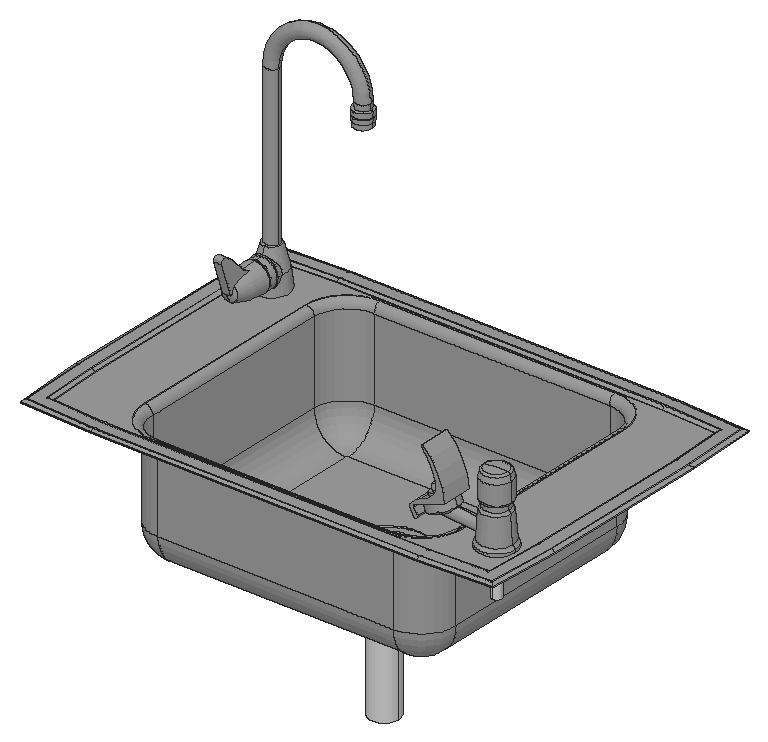
Revit family "equip-sink-clsrm-elkay-s-celebrity-cdkrad2517c", category Plumbing Fixtures, Revit 2019
Family settings
  Round Connector Dimension = Use Radius
  Part Type = Normal
  OmniClass Number = 23.45.05.14.14.27
  OmniClass Title = Service Sinks
  Work Plane-Based = Yes
  Always vertical = Yes
  Cut with Voids When Loaded = No
  Shared = No
  Room Calculation Point = No
Parameters (values of type "CDKAD2517C")
  URL = "www.elkayusa.com"
  Stem Material = Metal - Steel
  Specification Sheet URL = "http://www.elkayusa.com/cps/rde/xbcr/elkay/01-08G_CDKR2517_CDKAD2517_CDKRC2517.pdf"
  Sink Width = 1' - 5"
  Sink Material = Metal - Steel - Stainless - Chrome
  Sink Length = 2' - 1"
  Sink Ledge Right Width Hidden = if(Sink Ledge Right Width > 0' 1 1/2", Sink Ledge Right Width, 0' 1 1/2")  # 0' - 4 5/8"
  Sink Ledge Right Width = 0' - 4 5/8"
  Sink Ledge Left Width Hidden = if(Sink Ledge Left Width > 0' 1 1/2", Sink Ledge Left Width, 0' 1 1/2")  # 0' - 4 5/8"
  Sink Ledge Left Width = 0' - 4 5/8"
  Sink Ledge Front Width Hidden = if(Sink Ledge Front Width > 0' 1 1/2", Sink Ledge Front Width, 0' 1 1/2")  # 0' - 1 1/2"
  Sink Ledge Front Width = 0' - 1 1/2"
  Sink Ledge Back Width Hidden = if(Sink Ledge Back Width > 0' 1 1/2", Sink Ledge Back Width, 0' 1 1/2")  # 0' - 1 1/2"
  Sink Ledge Back Width = 0' - 1 1/2"
  Sink Part = "CDKAD2517-2"
  Right Faucet Hole Three Top = 0' - 0 1/8"
  Right Faucet Hole Three = Right Faucet Hole Three Top > 0' 0 63/256"  # no
  Right Faucet Hole OneTwo Top = 0' - 0 1/8"
  Right Faucet Hole OneTwo = Right Faucet Hole OneTwo Top > 0' 0 63/256"  # no
  Right Faucet Hole One to CL = 0' - 4"
  Nominal Radius = Nominal Dia / 2  # 0' - 0 3/16"
  Nominal Dia = 0' - 0 3/8"
  Left Faucet Hole Three = Left Faucet Hole Three Top > 0' 0 63/256"  # no
  Left Faucet Hole OneTwo = Left Faucet Hole OneTwo Top > 0' 0 63/256"  # no
  HW Flow Rate = 2 GPM
  Faucet Part = "LKD208513-L"
  Faucet Material = Metal - Steel - Stainless - Chrome
  Drain Part = "LK35"
  Drain Material = Metal - Steel - Stainless - Chrome
  CW Flow Rate = 2 GPM
  Bubbler Part = "LK1141A"
  Bubbler Nominal Radius = Bubbler Nominal Dia / 2  # 0' - 0 1/4"
  Bubbler Nominal Dia = 0' - 0 1/2"
  Bubbler Material = Metal - Steel - Stainless - Chrome
  Bubbler CW Flow Rate = 2 GPM
  Bubbler Back Left = Bubbler Back Left Top > 0' 0 63/256"  # yes
  Bubbler Front Right = Bubbler Front Right Top > 0' 0 63/256"  # yes
  Bubbler Front Left = Bubbler Front Left Top > 0' 0 63/256"  # no
  Bubbler Back Right = Bubbler Back Right Top > 0' 0 63/256"  # no
  Back Faucet Hole Three = Back Faucet Hole Three Top > 0' 0 63/256"  # no
  Back Faucet Hole OneTwo = Back Faucet Hole OneTwo Top > 0' 0 63/256"  # no
  Back Faucet CL to Back = 0' - 2 1/4"
  Left Faucet Hole Three Top = 0' - 0 1/8"
  Left Faucet Hole OneTwo Top = 0' - 0 1/8"
  Bubbler Back Right Top = 0' - 0 1/8"
  Bubbler Front Right Radius = 0' - 0 9/16"
  Bubbler Front Left Radius = 0' - 0 9/16"
  Back Faucet Hole One to CL = 0' - 4"
  Drain CL LR to Left Bowl Edge = Bowl Length / 2  # 0' - 7 7/8"
  Bubbler Right from Edge = 0' - 2 1/4"
  Bubbler Back Left Top = 0' - 0 1/2"
  Bubbler Front Left Top = 0' - 0 1/8"
  Bubbler Left From Edge = 0' - 2 1/4"
  Back Faucet Hole Three Top = 0' - 0 1/8"
  Back Faucet Hole OneTwo Top = 0' - 0 1/8"
  Bowl Depth = 0' - 6 1/2"
  Bubbler Front Right Top = 0' - 0 1/2"
  Sanitary Flow Rate = 10 GPM
  OmniClass Title = "Service Sinks"
  OmniClass Code = "23.45.05.14.14.27"
  Sanitary Nominal Radius = Sanitary Nominal Dia / 2  # 0' - 0 3/4"
  Sanitary Nominal Dia = 0' - 1 1/2"
  Model = "CDKAD2517C"
  Minimum Cabinet Width = "30\""
  MasterFormat Title = "Commercial Sinks"
  MasterFormat Number = "22.42.16.16"
  Manufacturer = "Elkay Manufacturing"
  Bowl Drain Location FB = 0' - 7"
  Description = "Lustertone Classroom Single Bowl Sink"
  Default Elevation = 3' - 0"
  Deep Specification Sheet URL = ""
  Date Created = "2011-05-08"
  Bowl Length = Sink Length - Sink Ledge Left Width - Sink Ledge Right Width  # 1' - 3 3/4"
  Bowl Width = (Sink Width - Sink Ledge Front Width - Sink Ledge Back Width)  # 1' - 2"
  Assembly Code = "D2010410"
Reference planes (in)
  plane 1 "CL Sink Hole": y = 0
  plane 2 "Sink Deck": z = 0
  plane 3 "Center (Left/Right)": x = 0
  plane 4 "Basin Edge Left": x = -7.875
  plane 5 "Basin Edge Right": x = 7.875
  plane 6 "Back Right Bowl Edge": y = 7
  plane 7 "Basin Edge Front": y = -7
  plane 8 "Left": x = -12.5
  plane 9 "Right": x = 12.5
  plane 10 "Back": y = 8.5
  plane 11 "Front": y = -8.5
  plane 12 "Sink Angle Back Corner": y = 8.3125
  plane 13 "Sink Angle Right Corner": x = 12.3125
  plane 14 "Sink Angle Right": x = 8.5
  plane 15 "Sink Angle Back": y = 4.5
  plane 16 "Sink Angle Left": x = -8.5
  plane 17 "Sink Angle Left Corner": x = -12.3125
  plane 18 "Sink Angle Front Corner": y = -8.3125
  plane 19 "Sink Angle Front": y = -4.5
  plane 20 "Edge Opening Right": x = 8.296875
  plane 21 "Edge Opening Left": x = -8.296875
  plane 22 "Sink Top Piece Bottom Face": z = -0.0625
  plane 23 "Top Radius Corner Prot": z = -0.421875
  plane 24 "Left Sink Bottom Piece Left Edge": x = -6.1875
  plane 25 "Sink Bottom Piece Right Edge": x = 6.1875
  plane 26 "Sink Bottom Piece Back Edge": y = 5.3125
  plane 27 "Sink Bottom Piece Front Edge": y = -5.3125
  plane 28 "Center (Front/Back)": y = 0
  plane 29 "Right Bowl CL Drain": x = 0
  plane 30 "Edge Opening Front": y = -7.421875
  plane 31 "Right Sink Right Edge Radius": x = 6.125
  plane 32 "Front Edge Bottom Edge Radius": y = -5.25
  plane 33 "Back Edge Bottom Edge Radius": y = 5.25
  plane 34 "Back Right Edge Opening": y = 7.421875
  plane 35 "Left Bowl Bottom Edge Radius": x = -6.125
  plane 36 "Masking Region": z = 1.2515695
  plane 37 "Sink Angle Right Inside Corner": x = 11.4925507
  plane 38 "Sink Angle Back Inside Corner": y = 7.4925507
  plane 39 "Sink Angle Front Inside Corner": y = -7.4925507
  plane 40 "Sink Angle Left Inside Corner": x = -11.4925507
  plane 41 "Sink Angle Right Inside Offset Corner": x = 11.3511143
  plane 42 "Sink Angle Back Inside Offset Corner": y = 7.3511143
  plane 43 "Sink Angle Front Inside Offset Corner": y = -7.3511143
  plane 44 "Sink Angle Left Inside Offset Corner": x = -11.3511143
  plane 45 "Right Bowl Bottom Top Face": z = -6.3797681
  plane 46 "Right Bowl Bottom Bottom Face": z = -6.4422681
  plane 47 "Right Bowl Bottom Top of Radius": z = -4.6922681
  plane 48 "Right Sink Drain Elev Bottom": z = -7.8797681
  plane 49 "Right Sink Drain Top Elev": z = -7.6297681
  plane 50 "Faucet Hole Bottom": z = -0.25
  plane 51 "Left Faucet Hole Top": z = 0.25
  plane 52 "Faucet Hole CL Front/Back": y = 6.25
  plane 53 "Faucet Back Hole One-Two": z = -0.125
  plane 54 "Right Faucet Hole 1": x = -4
  plane 55 "Right Faucet Hole 2": x = 0
  plane 56 "Right Faucet Hole 3": x = 4
  plane 57 "Left  Bubbler CL Left/Right": x = -10.25
  plane 58 "Right Bubbler CL Left/Right": x = 10.25
  plane 59 "Bubbler Front CL": y = -5.5
  plane 60 "Top of Rim": z = 0.1202319
  plane 61 "CL Bowl Left/Right": x = 0
  plane 62 "Left Front Bubbler Top": z = -0.125
  plane 63 "Faucet Back Hole Three": z = -0.125
  plane 64 "Bubbler Rear CL F B": y = 5.5
  plane 65 "Bubbler Rear Left Top": z = 0.25
  plane 66 "Right Faucet Hole Three": y = 4
  plane 67 "Right Faucet Hole Two": y = 0
  plane 68 "Right Faucet Hole One": y = -4
  plane 69 "CL Bowl Front/Back": y = 0
  plane 70 "Right Faucet Hole OneTwo Top": z = -0.125
  plane 71 "Right Faucet Hole Three Top": z = -0.125
  plane 72 "Left Faucet Hole OneTwo Top": z = -0.125
  plane 73 "Left Faucet Hole Three Top": z = -0.125
  plane 74 "Bubble Rear Right Top": z = -0.125
Forms (in)
  Extrusion 1, solid, material "Metal - Steel - Stainless - Chrome" <- "Sink Material"
    sketch origin (0, 0, 0) x (1, 0, 0) y (0, 1, 0)
      loop
        line (-6.125, -7.421875) -> (6.125, -7.421875)
        arc (6.125, -7.421875) -> (7.6607475, -6.7857475) -> (8.296875, -5.25) r 2.171875
        line (8.296875, -5.25) -> (8.296875, 5.25)
        arc (8.296875, 5.25) -> (7.6607475, 6.7857475) -> (6.125, 7.421875) r 2.171875
        line (6.125, 7.421875) -> (-6.125, 7.421875)
        arc (-6.125, 7.421875) -> (-7.6607475, 6.7857475) -> (-8.296875, 5.25) r 2.171875
        line (-8.296875, 5.25) -> (-8.296875, -5.25)
        arc (-8.296875, -5.25) -> (-7.6607475, -6.7857475) -> (-6.125, -7.421875) r 2.171875
      loop
        line (-8.5, 7.4925507) -> (-11.3511143, 7.3511143) -> (-11.4925507, 4.5) -> (-11.4925507, -4.5) -> (-11.3511143, -7.3511143) -> (-8.5, -7.4925507) -> (8.5, -7.4925507) -> (11.3511143, -7.3511143) -> (11.4925507, -4.5) -> (11.4925507, 4.5) -> (11.3511143, 7.3511143) -> (8.5, 7.4925507) -> (-8.5, 7.4925507)
    from -0.0625 to 0
  Extrusion 2, solid, material "Metal - Steel - Stainless - Chrome" <- "Sink Material"
    sketch origin (0, 0, 0) x (1, 0, 0) y (0, 1, 0)
      loop
        arc (-6.125, 5.3125) -> (-6.1691942, 5.2941942) -> (-6.1875, 5.25) r 0.0625
        line (-6.1875, 5.25) -> (-6.1875, -5.25)
        arc (-6.1875, -5.25) -> (-6.1691942, -5.2941942) -> (-6.125, -5.3125) r 0.0625
        line (-6.125, -5.3125) -> (6.125, -5.3125)
        arc (6.125, -5.3125) -> (6.1691942, -5.2941942) -> (6.1875, -5.25) r 0.0625
        line (6.1875, -5.25) -> (6.1875, 5.25)
        arc (6.1875, 5.25) -> (6.1691942, 5.2941942) -> (6.125, 5.3125) r 0.0625
        line (6.125, 5.3125) -> (-6.125, 5.3125)
      loop
        circle (0, 0) r 2.25
    from -6.4422681 to -6.3797681
  Sweep 3, solid, material "Metal - Steel - Stainless - Chrome" <- "Sink Material"
    path origin (0, 0, -6.3797681) x (-1, 0, 0) y (0, -1, 0)
      loop
        circle (0, 0) r 2.25
    profile "profile-elkay-sink-d4-csk : profile-elkay-sink-d4-csk" origin (0, -2.25, -6.3797681) x (0, 1, 0) y (0, 0, 1)
      loop
        line (0.5, -0.2911069) -> (0.1564602, -0.1343744)
        arc (0.1564602, -0.1343744) -> (0.1424945, -0.125589) -> (0.1313144, -0.1134552) r 0.0625
        line (0.1313144, -0.1134552) -> (0.0881719, -0.0522605)
        arc (0.0881719, -0.0522605) -> (0.0506391, -0.015074) -> (0, 0) r 0.1086
        line (0, 0) -> (0, -0.0461763)
        arc (0, -0.0461763) -> (0.0262058, -0.0541921) -> (0.0464633, -0.0726483) r 0.0625
        line (0.0464633, -0.0726483) -> (0.093406, -0.1396891)
        arc (0.093406, -0.1396891) -> (0.1129384, -0.1609677) -> (0.1373891, -0.1763448) r 0.1086
        line (0.1373891, -0.1763448) -> (0.5, -0.3417784) -> (0.5, -0.2911069)
  Sweep 4, solid, material "Metal - Steel - Stainless - Chrome" <- "Sink Material"
    path origin (0, 0, 0) x (1, 0, 0) y (0, 1, 0)
      loop
        line (-6.125, -7) -> (6.125, -7)
        arc (6.125, -7) -> (7.3624369, -6.4874369) -> (7.875, -5.25) r 1.75
        line (7.875, -5.25) -> (7.875, 5.25)
        arc (7.875, 5.25) -> (7.3624369, 6.4874369) -> (6.125, 7) r 1.75
        line (6.125, 7) -> (-6.125, 7)
        arc (-6.125, 7) -> (-7.3624369, 6.4874369) -> (-7.875, 5.25) r 1.75
        line (-7.875, 5.25) -> (-7.875, -5.25)
        arc (-7.875, -5.25) -> (-7.3624369, -6.4874369) -> (-6.125, -7) r 1.75
    profile origin (0, -7, 0) x (0, 1, 0) y (0, 0, 1)
      loop
        arc (0, -0.421875) -> (-0.1235643, -0.1235643) -> (-0.421875, 0) r 0.421875
        line (-0.421875, 0) -> (-0.421875, -0.0625)
        arc (-0.421875, -0.0625) -> (-0.1677585, -0.1677585) -> (-0.0625, -0.421875) r 0.359375
        line (-0.0625, -0.421875) -> (-0.0625, -4.6922681)
        arc (-0.0625, -4.6922681) -> (0.4500631, -5.929705) -> (1.6875, -6.4422681) r 1.75
        line (1.6875, -6.4422681) -> (1.6875, -6.3797681)
        arc (1.6875, -6.3797681) -> (0.4942573, -5.8855108) -> (0, -4.6922681) r 1.6875
        line (0, -4.6922681) -> (0, -0.421875)
  Extrusion 5, solid, material "Glass", not visible
    sketch origin (0, 0, -4.7547681) x (0, -1, 0) y (1, 0, 0)
      loop
        circle (0, 0) r 0.75
    from -3.125 to -2.875
  Sweep 6, solid, material "Metal - Steel - Stainless - Chrome" <- "Sink Material"
    path origin (0, 0, 0) x (1, 0, 0) y (0, 1, 0)
      loop
        line (-8.5, -8.5) -> (8.5, -8.5) -> (12.3125, -8.3125) -> (12.5, -4.5) -> (12.5, 4.5) -> (12.3125, 8.3125) -> (8.5, 8.5) -> (-8.5, 8.5) -> (-12.3125, 8.3125) -> (-12.5, 4.5) -> (-12.5, -4.5) -> (-12.3125, -8.3125) -> (-8.5, -8.5)
    profile "profile-elkay-sink-rim-9 : profile-elkay-sink-rim-9" origin (0, -8.5, 0) x (0, 1, 0) y (0, 0, 1)
      loop
        line (0, 0.0163327) -> (0, -0.0360681) -> (0.2039181, 0.0741316) -> (0.8052651, 0.0741316) -> (1.0074493, -0.0546586) -> (1.0074493, 0) -> (0.841093, 0.1059673)
        arc (0.841093, 0.1059673) -> (0.8176388, 0.1165931) -> (0.7921483, 0.1202319) r 0.091102
        line (0.7921483, 0.1202319) -> (0.2153023, 0.1202319)
        arc (0.2153023, 0.1202319) -> (0.1929626, 0.1174506) -> (0.1719868, 0.1092765) r 0.0911081
        line (0.1719868, 0.1092765) -> (0, 0.0163327)
  Extrusion 7, void
    sketch origin (0, 0, 0) x (1, 0, 0) y (0, 1, 0)
      loop
        circle (10.25, -5.5) r 0.5625
    from -0.25 to 0.25
  Extrusion 8, void
    sketch origin (0, 0, 0) x (1, 0, 0) y (0, 1, 0)
      loop
        circle (-10.25, 5.5) r 0.5625
    from -0.25 to 0.25
Cuts and joins
  joined: Extrusion 2, Sweep 3, Sweep 4
  Extrusion 7, Extrusion 8 cuts Extrusion 1
Lines and regions (in)
  Masking region 1
    outline origin (0, 0, 1.2515695) x (-1, 0, 0) y (0, -1, 0)
      loop
        line (8.5, -8.5) -> (12.3125, -8.3125) -> (12.5, -4.5) -> (12.5, 4.5) -> (12.3125, 8.3125) -> (8.5, 8.5) -> (-8.5, 8.5) -> (-12.3125, 8.3125) -> (-12.5, 4.5) -> (-12.5, -4.5) -> (-12.3125, -8.3125) -> (-8.5, -8.5) -> (8.5, -8.5)
  reference lines, not visible
    curve 1: line (8.5, 8.5, 0) -> (12.3125, 8.3125, 0)
    curve 2: line (12.3125, 8.3125, 0) -> (12.5, 4.5, 0)
    curve 3: line (-8.5, 8.5, 0) -> (-12.3125, 8.3125, 0)
    curve 4: line (-12.3125, 8.3125, 0) -> (-12.5, 4.5, 0)
    curve 5: line (-12.5, -4.5, 0) -> (-12.3125, -8.3125, 0)
    curve 6: line (-12.3125, -8.3125, 0) -> (-8.5, -8.5, 0)
    curve 7: line (12.5, -4.5, 0) -> (12.3125, -8.3125, 0)
    curve 8: line (12.3125, -8.3125, 0) -> (8.5, -8.5, 0)
    curve 9: arc (0, -7, -0.421875) -> (0, -7.1235643, -0.1235643) -> (0, -7.421875, 0) r 0.421875
    curve 10: arc (6.1875, 5.25, 0) -> (6.1691942, 5.2941942, 0) -> (6.125, 5.3125, 0) r 0.0625
    curve 11: arc (-7.1875, 5.25, 0) -> (-7.1691942, 5.2941942, 0) -> (-7.125, 5.3125, 0) r 0.0625
    curve 12: arc (-7.125, -5.3125, 0) -> (-7.1691942, -5.2941942, 0) -> (-7.1875, -5.25, 0) r 0.0625
    curve 13: arc (6.1875, -5.25, 0) -> (6.1691942, -5.2941942, 0) -> (6.125, -5.3125, 0) r 0.0625
    curve 14: arc (7.875, 5.25, 0) -> (7.3624369, 6.4874369, 0) -> (6.125, 7, 0) r 1.75
    curve 15: arc (7.875, -5.25, 0) -> (7.3624369, -6.4874369, 0) -> (6.125, -7, 0) r 1.75
  reference lines
    curve 16: arc (8.296875, 5.25, 0) -> (7.6607475, 6.7857475, 0) -> (6.125, 7.421875, 0) r 2.171875
    curve 17: arc (8.296875, -5.25, 0) -> (7.6607475, -6.7857475, 0) -> (6.125, -7.421875, 0) r 2.171875
    curve 21: line (11.4925507, -4.5, 0) -> (11.3511143, -7.3511143, 0)
    curve 22: line (8.5, -7.4925507, 0) -> (11.3511143, -7.3511143, 0)
    curve 23: line (-11.4925507, -4.5, 0) -> (-11.3511143, -7.3511143, 0)
    curve 24: line (11.4925507, 4.5, 0) -> (11.3511143, 7.3511143, 0)
    curve 25: line (11.3511143, 7.3511143, 0) -> (8.5, 7.4925507, 0)
    curve 26: line (-8.5, 7.4925507, 0) -> (-11.3511143, 7.3511143, 0)
    curve 27: line (-11.3511143, 7.3511143, 0) -> (-11.4925507, 4.5, 0)
    curve 28: line (-8.5, -7.4925507, 0) -> (-11.3511143, -7.3511143, 0)
    curve 29: arc (0, -5.3125, -6.3797681) -> (0, -6.5057427, -5.8855108) -> (0, -7, -4.6922681) r 1.6875
    curve 30: arc (-6.125, -5.3125, 0) -> (-6.1691942, -5.2941942, 0) -> (-6.1875, -5.25, 0) r 0.0625
    curve 31: arc (-6.125, -7, 0) -> (-7.3624369, -6.4874369, 0) -> (-7.875, -5.25, 0) r 1.75
    curve 32: arc (-8.296875, -5.25, 0) -> (-7.6607475, -6.7857475, 0) -> (-6.125, -7.421875, 0) r 2.171875
    curve 33: arc (-7.875, 5.25, 0) -> (-7.3624369, 6.4874369, 0) -> (-6.125, 7, 0) r 1.75
    curve 34: arc (-8.296875, 5.25, 0) -> (-7.6607475, 6.7857475, 0) -> (-6.125, 7.421875, 0) r 2.171875
    curve 35: arc (-6.1875, 5.25, 0) -> (-6.1691942, 5.2941942, 0) -> (-6.125, 5.3125, 0) r 0.0625
    curve 53: circle (10.25, -5.5, 0) r 0.5625 normal (0, 0, 1)
    curve 54: circle (-10.25, -5.5, 0) r 0.5625 normal (0, 0, 1)
    curve 58: circle (0, 0, 0) r 0.75 normal (0, 0, 1)
  symbolic lines, style "Sinks"
    curve 18: line (7.875, 5.25, 1.2515695) -> (7.875, -4.7230939, 1.2515695)
    curve 20: arc (7.875, 5.25, 1.2515695) -> (7.3624369, 6.4874369, 1.2515695) -> (6.125, 7, 1.2515695) r 1.75
    curve 36: line (-6.125, 7, 1.2515695) -> (6.125, 7, 1.2515695)
    curve 37: line (-6.125, -7, 1.2515695) -> (6.125, -7, 1.2515695)
    curve 39: arc (-6.125, -7, 1.2515695) -> (-7.3624369, -6.4874369, 1.2515695) -> (-7.875, -5.25, 1.2515695) r 1.75
    curve 41: line (-8.5, 7.4925507, 1.2515695) -> (8.5, 7.4925507, 1.2515695)
    curve 42: line (-11.4925507, -4.5, 1.2515695) -> (-11.4925507, 4.5, 1.2515695)
    curve 43: line (11.4925507, 4.5, 1.2515695) -> (11.4925507, -4.5, 1.2515695)
    curve 44: line (8.5, -7.4925507, 1.2515695) -> (-8.5, -7.4925507, 1.2515695)
    curve 45: line (11.4925507, -4.5, 1.2515695) -> (11.3511143, -7.3511143, 1.2515695)
    curve 46: line (8.5, -7.4925507, 1.2515695) -> (11.3511143, -7.3511143, 1.2515695)
    curve 47: line (-8.5, -7.4925507, 1.2515695) -> (-11.3511143, -7.3511143, 1.2515695)
    curve 48: line (-8.5, 7.4925507, 1.2515695) -> (-11.3511143, 7.3511143, 1.2515695)
    curve 49: line (-11.3511143, 7.3511143, 1.2515695) -> (-11.4925507, 4.5, 1.2515695)
    curve 50: line (11.3511143, 7.3511143, 1.2515695) -> (8.5, 7.4925507, 1.2515695)
    curve 51: line (11.4925507, 4.5, 1.2515695) -> (11.3511143, 7.3511143, 1.2515695)
    curve 52: line (-11.4925507, -4.5, 1.2515695) -> (-11.3511143, -7.3511143, 1.2515695)
    curve 59: circle (0, 0, 0) r 2.25 normal (0, 0, 1)
    curve 60: circle (0, 0, 0) r 1.75 normal (0, 0, 1)
    curve 61: arc (-7.6419723, 6.1225222, 1.2515695) -> (-7.001238, 6.764829, 1.2515695) -> (-6.125, 7, 1.2515695) r 1.75
    curve 63: arc (7.3145741, -6.5335161, 1.2515695) -> (6.7638845, -6.8792104, 1.2515695) -> (6.125, -7, 1.2515695) r 1.75
    curve 65: arc (-7.7565298, 5.8829381, 1.2515695) -> (-7.7038022, 6.0049063, 1.2515695) -> (-7.6419723, 6.1225222, 1.2515695) r 1.75
    curve 66: line (-7.875, 5.1183107, 1.2515695) -> (-7.875, -5.25, 1.2515695)
    curve 67: arc (7.5433756, -6.2750418, 1.2515695) -> (7.4353636, -6.4099342, 1.2515695) -> (7.3145741, -6.5335161, 1.2515695) r 1.75
  symbolic lines, style "InvisibleLines"
    curve 19: arc (7.875, -5.25, 1.2515695) -> (7.7900311, -5.7886755, 1.2515695) -> (7.5433756, -6.2750418, 1.2515695) r 1.75
    curve 38: line (-7.875, 5.25, 1.2515695) -> (-7.875, 5.1183107, 1.2515695)
    curve 40: arc (-7.875, 5.25, 1.2515695) -> (-7.8739089, 5.3117879, 1.2515695) -> (-7.8706369, 5.3734987, 1.2515695) r 1.75
    curve 62: arc (-7.8706369, 5.3734987, 1.2515695) -> (-7.8326872, 5.6324974, 1.2515695) -> (-7.7565298, 5.8829381, 1.2515695) r 1.75
    curve 64: line (7.875, -4.7230939, 1.2515695) -> (7.875, -5.25, 1.2515695)
  symbolic lines, style "InvisibleLines", visible <- "Bubbler Back Left"
    curve 55: circle (-10.25, 5.5, 1.2515695) r 0.5625 normal (0, 0, 1)
  symbolic lines, style "InvisibleLines", visible <- "Bubbler Front Right"
    curve 56: circle (10.25, -5.5, 1.2515695) r 0.5625 normal (0, 0, 1)
  symbolic lines, style "Sinks", visible <- "Left Faucet Hole Three"
    curve 57: circle (-10.25, 4, 1.2515695) r 0.75 normal (0, 0, 1)
Dimensions and locks (in)
  "Sink Ledge Left Width Hidden": plane 8 "Left" to plane 4 "Basin Edge Left"
  "Sink Ledge Right Width Hidden": plane 5 "Basin Edge Right" to plane 9 "Right"
  "Sink Length": plane 8 "Left" to plane 9 "Right"
  "Bowl Drain Location FB": plane 6 "Back Right Bowl Edge" to plane 1 "CL Sink Hole"
  "Sink Ledge Back Width Hidden": plane 10 "Back" to plane 6 "Back Right Bowl Edge"
  "Sink Ledge Front Width Hidden": plane 7 "Basin Edge Front" to plane 11 "Front"
  locked: plane 13 "Sink Angle Right Corner" to plane 9 "Right" at 0.1875
  locked: plane 10 "Back" to plane 12 "Sink Angle Back Corner" at 0.1875
  locked: plane 14 "Sink Angle Right" to plane 9 "Right" at 4
  locked: plane 10 "Back" to plane 15 "Sink Angle Back" at 4
  locked: plane 8 "Left" to plane 17 "Sink Angle Left Corner" at 0.1875
  locked: plane 8 "Left" to plane 16 "Sink Angle Left" at 4
  locked: plane 18 "Sink Angle Front Corner" to plane 11 "Front" at 0.1875
  locked: plane 19 "Sink Angle Front" to plane 11 "Front" at 4
  "Sink Width": plane 10 "Back" to plane 11 "Front"
  locked: plane 21 "Edge Opening Left" to plane 4 "Basin Edge Left" at 0.421875
  locked: plane 27 "Sink Bottom Piece Front Edge" to plane 7 "Basin Edge Front" at 1.6875
  locked: plane 4 "Basin Edge Left" to plane 24 "Left Sink Bottom Piece Left Edge" at 1.6875
  locked: plane 25 "Sink Bottom Piece Right Edge" to plane 5 "Basin Edge Right" at 1.6875
  locked: plane 6 "Back Right Bowl Edge" to plane 26 "Sink Bottom Piece Back Edge" at 1.6875
  locked: plane 5 "Basin Edge Right" to plane 20 "Edge Opening Right" at 0.421875
  equal spacing: plane 10 "Back", plane 28 "Center (Front/Back)", plane 11 "Front"
  equal spacing: plane 8 "Left", plane 3 "Center (Left/Right)", plane 9 "Right"
  locked: plane 31 "Right Sink Right Edge Radius" to plane 25 "Sink Bottom Piece Right Edge" at 0.0625
  locked: plane 32 "Front Edge Bottom Edge Radius" to plane 27 "Sink Bottom Piece Front Edge" at 0.0625
  locked: plane 26 "Sink Bottom Piece Back Edge" to plane 33 "Back Edge Bottom Edge Radius" at 0.0625
  locked: plane 34 "Back Right Edge Opening" to plane 6 "Back Right Bowl Edge" at 0.421875
  locked: plane 7 "Basin Edge Front" to plane 30 "Edge Opening Front" at 0.421875
  locked: plane 24 "Left Sink Bottom Piece Left Edge" to plane 35 "Left Bowl Bottom Edge Radius" at 0.0625
  locked: plane 2 "Sink Deck" to plane 23 "Top Radius Corner Prot" at 0.421875
  locked: plane 2 "Sink Deck" to plane 22 "Sink Top Piece Bottom Face" at 0.0625
  locked: plane 36 "Masking Region" to plane 2 "Sink Deck" at 1.2515695
  locked: plane 37 "Sink Angle Right Inside Corner" to plane 9 "Right" at 1.0074493
  locked: plane 8 "Left" to plane 40 "Sink Angle Left Inside Corner" at 1.0074493
  locked: plane 10 "Back" to plane 38 "Sink Angle Back Inside Corner" at 1.0074493
  locked: plane 39 "Sink Angle Front Inside Corner" to plane 11 "Front" at 1.0074493
  locked: plane 41 "Sink Angle Right Inside Offset Corner" to plane 37 "Sink Angle Right Inside Corner" at 0.1414364
  locked: plane 42 "Sink Angle Back Inside Offset Corner" to plane 38 "Sink Angle Back Inside Corner" at 0.1414364
  locked: plane 39 "Sink Angle Front Inside Corner" to plane 43 "Sink Angle Front Inside Offset Corner" at 0.1414364
  locked: plane 40 "Sink Angle Left Inside Corner" to plane 44 "Sink Angle Left Inside Offset Corner" at 0.1414364
  locked: plane 47 "Right Bowl Bottom Top of Radius" to plane 45 "Right Bowl Bottom Top Face" at 1.6875
  locked: plane 45 "Right Bowl Bottom Top Face" to plane 46 "Right Bowl Bottom Bottom Face" at 0.0625
  "Bowl Depth": plane 60 "Top of Rim" to plane 45 "Right Bowl Bottom Top Face"
  locked: plane 49 "Right Sink Drain Top Elev" to plane 48 "Right Sink Drain Elev Bottom" at 0.25
  locked: plane 45 "Right Bowl Bottom Top Face" to plane 48 "Right Sink Drain Elev Bottom" at 1.5
  "Back Faucet CL to Back": plane 10 "Back" to plane 52 "Faucet Hole CL Front/Back"
  locked: plane 2 "Sink Deck" to plane 50 "Faucet Hole Bottom" at 0.25
  "Bubbler Front Right Top": plane 51 "Left Faucet Hole Top" to plane 50 "Faucet Hole Bottom"
  "Back Faucet Hole OneTwo Top": plane 53 "Faucet Back Hole One-Two" to plane 50 "Faucet Hole Bottom"
  "Drain CL LR to Left Bowl Edge": plane 4 "Basin Edge Left" to plane 29 "Right Bowl CL Drain"
  locked: plane 54 "Right Faucet Hole 1" to plane 55 "Right Faucet Hole 2" at 4
  locked: plane 54 "Right Faucet Hole 1" to plane 56 "Right Faucet Hole 3" at 8
  "Bubbler Right from Edge": plane 58 "Right Bubbler CL Left/Right" to plane 9 "Right"
  "Bubbler Left From Edge": plane 8 "Left" to plane 57 "Left  Bubbler CL Left/Right"
  locked: plane 59 "Bubbler Front CL" to plane 11 "Front" at 3
  locked: plane 60 "Top of Rim" to plane 2 "Sink Deck" at 0.1202319
  "Back Faucet Hole One to CL": plane 54 "Right Faucet Hole 1" to plane 61 "CL Bowl Left/Right"
  equal spacing: plane 4 "Basin Edge Left", plane 61 "CL Bowl Left/Right", plane 5 "Basin Edge Right"
  "Bubbler Front Left Top": plane 62 "Left Front Bubbler Top" to plane 50 "Faucet Hole Bottom"
  "Back Faucet Hole Three Top": plane 50 "Faucet Hole Bottom" to plane 63 "Faucet Back Hole Three"
  locked: plane 10 "Back" to plane 64 "Bubbler Rear CL F B" at 3
  "Bubbler Back Left Top": plane 65 "Bubbler Rear Left Top" to plane 50 "Faucet Hole Bottom"
  equal spacing: plane 6 "Back Right Bowl Edge", plane 69 "CL Bowl Front/Back", plane 7 "Basin Edge Front"
  "Right Faucet Hole One to CL": plane 69 "CL Bowl Front/Back" to plane 68 "Right Faucet Hole One"
  locked: plane 67 "Right Faucet Hole Two" to plane 68 "Right Faucet Hole One" at 4
  locked: plane 66 "Right Faucet Hole Three" to plane 68 "Right Faucet Hole One" at 8
  "Right Faucet Hole OneTwo Top": plane 70 "Right Faucet Hole OneTwo Top" to plane 50 "Faucet Hole Bottom"
  "Right Faucet Hole Three Top": plane 71 "Right Faucet Hole Three Top" to plane 50 "Faucet Hole Bottom"
  "Left Faucet Hole OneTwo Top": plane 72 "Left Faucet Hole OneTwo Top" to plane 50 "Faucet Hole Bottom"
  "Left Faucet Hole Three Top": plane 73 "Left Faucet Hole Three Top" to plane 50 "Faucet Hole Bottom"
  "Bubbler Back Right Top": plane 74 "Bubble Rear Right Top" to plane 50 "Faucet Hole Bottom"
  "Bubbler Front Right Radius": radius of curve 53
  "Bubbler Front Left Radius": radius of curve 54
  "Sanitary Nominal Radius": radius of curve 58
  aligned: Extrusion 1 to plane 22 "Sink Top Piece Bottom Face"
  aligned and locked: Extrusion 2 sketch curve to curve 13
  aligned and locked: Extrusion 2 sketch curve to curve 10
  aligned and locked: Sweep 4 sketch curve to curve 14
  aligned and locked: Sweep 4 sketch curve to curve 15
  aligned and locked: Sweep 4 sketch curve to curve 9
  aligned and locked: Extrusion 1 sketch curve to curve 16
  aligned and locked: Extrusion 1 sketch curve to curve 17
  aligned and locked: plane 2 "Sink Deck" to Extrusion 1
  aligned and locked: Extrusion 1 to plane 22 "Sink Top Piece Bottom Face"
  aligned and locked: curve 19 to curve 15
  aligned and locked: curve 20 to curve 14
  aligned and locked: Sweep 6 sketch curve to plane 11 "Front"
  aligned and locked: Sweep 6 sketch curve to plane 9 "Right"
  aligned and locked: Sweep 6 sketch curve to plane 10 "Back"
  aligned and locked: Sweep 6 sketch curve to plane 8 "Left"
  aligned and locked: Sweep 6 sketch curve to curve 4
  aligned and locked: Sweep 6 sketch curve to curve 5
  aligned and locked: Sweep 6 sketch curve to curve 7
  aligned and locked: Sweep 6 sketch curve to curve 8
  aligned and locked: Sweep 6 sketch curve to curve 2
  aligned and locked: Sweep 6 sketch curve to curve 1
  aligned and locked: Sweep 6 sketch curve to curve 3
  aligned and locked: Sweep 6 sketch curve to curve 6
  aligned and locked: Extrusion 1 sketch curve to plane 38 "Sink Angle Back Inside Corner"
  aligned and locked: Extrusion 1 sketch curve to plane 40 "Sink Angle Left Inside Corner"
  aligned and locked: Extrusion 1 sketch curve to plane 37 "Sink Angle Right Inside Corner"
  aligned and locked: Extrusion 1 sketch curve to plane 39 "Sink Angle Front Inside Corner"
  aligned and locked: Extrusion 1 sketch curve to curve 28
  aligned and locked: Extrusion 1 sketch curve to curve 23
  aligned and locked: Extrusion 1 sketch curve to curve 26
  aligned and locked: Extrusion 1 sketch curve to curve 27
  aligned and locked: Extrusion 1 sketch curve to curve 25
  aligned and locked: Extrusion 1 sketch curve to curve 24
  aligned and locked: Extrusion 1 sketch curve to curve 21
  aligned and locked: Extrusion 1 sketch curve to curve 22
  aligned and locked: Sweep 4 sketch curve to curve 29
  aligned and locked: plane 45 "Right Bowl Bottom Top Face" to cut or joined group of Extrusion 2, Sweep 3, Sweep 4
  aligned and locked: cut or joined group of Extrusion 2, Sweep 3, Sweep 4 to plane 46 "Right Bowl Bottom Bottom Face"
  aligned and locked: plane 49 "Right Sink Drain Top Elev" to Extrusion 5
  aligned and locked: Extrusion 5 to plane 48 "Right Sink Drain Elev Bottom"
  aligned and locked: Extrusion 7 to plane 50 "Faucet Hole Bottom"
  aligned: plane 53 "Faucet Back Hole One-Two" to Extrusion 7
  aligned and locked: plane 51 "Left Faucet Hole Top" to Extrusion 7
  aligned and locked: Masking region 1 sketch curve to plane 10 "Back"
  aligned and locked: Masking region 1 sketch curve to plane 8 "Left"
  aligned and locked: Masking region 1 sketch curve to plane 9 "Right"
  aligned and locked: Masking region 1 sketch curve to plane 11 "Front"
  aligned and locked: Masking region 1 sketch curve to curve 6
  aligned and locked: Masking region 1 sketch curve to curve 5
  aligned and locked: Masking region 1 sketch curve to curve 4
  aligned and locked: Masking region 1 sketch curve to curve 3
  aligned and locked: Masking region 1 sketch curve to curve 1
  aligned and locked: Masking region 1 sketch curve to curve 2
  aligned and locked: Masking region 1 sketch curve to curve 7
  aligned and locked: Masking region 1 sketch curve to curve 8
  aligned and locked: Sweep 4 sketch curve to curve 33
  aligned and locked: Sweep 4 sketch curve to curve 31
  aligned and locked: Extrusion 2 sketch curve to curve 35
  aligned and locked: Extrusion 2 sketch curve to curve 30
  aligned and locked: Extrusion 1 sketch curve to curve 34
  aligned and locked: Extrusion 1 sketch curve to curve 32
  aligned and locked: curve 39 to curve 31
  aligned and locked: curve 40 to curve 33
  aligned and locked: Extrusion 8 to plane 50 "Faucet Hole Bottom"
  aligned and locked: plane 65 "Bubbler Rear Left Top" to Extrusion 8
  aligned and locked: Extrusion 7 sketch curve to curve 53
  aligned and locked: curve 56 to curve 53
  aligned and locked: Extrusion 5 sketch curve to curve 58
  aligned and locked: plane 64 "Bubbler Rear CL F B" to nested 1
  aligned and locked: plane 57 "Left  Bubbler CL Left/Right" to nested 1
  aligned and locked: nested 2 to plane 59 "Bubbler Front CL"
  aligned and locked: nested 2 to plane 58 "Right Bubbler CL Left/Right"
  aligned and locked: plane 1 "CL Sink Hole" to nested 3
  aligned and locked: nested 3 to plane 29 "Right Bowl CL Drain"
  aligned and locked: nested 5 to plane 58 "Right Bubbler CL Left/Right"
  aligned and locked: nested 5 to plane 59 "Bubbler Front CL"
  aligned and locked: plane 64 "Bubbler Rear CL F B" to nested 4
  aligned and locked: plane 57 "Left  Bubbler CL Left/Right" to nested 4
Automatic sketch dimensions
  curve 9 to level = 0' - 0"
  curve 9 to plane 30 "Edge Opening Front" = 0' - 0"
  curve 29 to plane 7 "Basin Edge Front" = 0' - 0"
  curve 9 to plane 7 "Basin Edge Front" = 0' - 0"
  curve 29 to plane 27 "Sink Bottom Piece Front Edge" = 0' - 0"
  curve 29 to plane 45 "Right Bowl Bottom Top Face" = 0' - 0"
  Sweep 4 sketch curve to Sweep 4 sketch curve = 0' - 0"  (x2)
  profile plane to Sweep 4 sketch curve = 0' - 0 1/16"
  curve 45 to plane 19 "Sink Angle Front" = 0' - 0"
  curve 45 to plane 37 "Sink Angle Right Inside Corner" = 0' - 0"
  curve 46 to plane 41 "Sink Angle Right Inside Offset Corner" = 0' - 0"
  curve 51 to plane 41 "Sink Angle Right Inside Offset Corner" = 0' - 0"
  curve 46 to plane 14 "Sink Angle Right" = 0' - 0"
  curve 41 to plane 14 "Sink Angle Right" = 0' - 0"
  curve 47 to plane 16 "Sink Angle Left" = 0' - 0"
  curve 48 to plane 16 "Sink Angle Left" = 0' - 0"
  curve 55 to plane 57 "Left  Bubbler CL Left/Right" = 0' - 0"
  curve 57 to plane 57 "Left  Bubbler CL Left/Right" = 0' - 0"
  curve 47 to plane 43 "Sink Angle Front Inside Offset Corner" = 0' - 0"
  curve 47 to plane 44 "Sink Angle Left Inside Offset Corner" = 0' - 0"
  plane 42 "Sink Angle Back Inside Offset Corner" to curve 48 = 0' - 0"
  curve 48 to plane 44 "Sink Angle Left Inside Offset Corner" = 0' - 0"
  curve 49 to plane 15 "Sink Angle Back" = 0' - 0"
  curve 49 to plane 40 "Sink Angle Left Inside Corner" = 0' - 0"
  curve 41 to plane 38 "Sink Angle Back Inside Corner" = 0' - 0"
  plane 42 "Sink Angle Back Inside Offset Corner" to curve 50 = 0' - 0"
  curve 55 to plane 64 "Bubbler Rear CL F B" = 0' - 0"
  curve 43 to plane 15 "Sink Angle Back" = 0' - 0"
  curve 57 to plane 66 "Right Faucet Hole Three" = 0' - 0"
  curve 52 to plane 19 "Sink Angle Front" = 0' - 0"
  curve 45 to plane 43 "Sink Angle Front Inside Offset Corner" = 0' - 0"
  plane 39 "Sink Angle Front Inside Corner" to curve 44 = 0' - 0"
  Extrusion 8 sketch curve to plane 57 "Left  Bubbler CL Left/Right" = 0' - 0"
  Extrusion 8 sketch curve to plane 64 "Bubbler Rear CL F B" = 0' - 0"
  plane 1 "CL Sink Hole" to Sweep 3 sketch curve = 0' - 0"
  Sweep 3 sketch curve to plane 29 "Right Bowl CL Drain" = 0' - 0"
  plane 1 "CL Sink Hole" to Extrusion 2 sketch curve = 0' - 0"
  Extrusion 2 sketch curve to plane 29 "Right Bowl CL Drain" = 0' - 0"
  curve 10 to curve 14 = 0' - 0"
  curve 10 to curve 16 = 0' - 0"  (x2)
  curve 13 to curve 15 = 0' - 0"  (x2)
  curve 13 to curve 17 = 0' - 0"  (x2)
  curve 14 to curve 16 = 0' - 0"
  curve 30 to curve 31 = 0' - 0"  (x2)
  curve 30 to curve 32 = 0' - 0"  (x2)
  curve 33 to curve 34 = 0' - 0"  (x2)
  curve 33 to curve 35 = 0' - 0"  (x2)
  curve 5 to plane 8 "Left" = 0' - 0"
  curve 4 to plane 8 "Left" = 0' - 0"
  curve 5 to plane 17 "Sink Angle Left Corner" = 0' - 0"
  curve 3 to plane 12 "Sink Angle Back Corner" = 0' - 0"
  curve 3 to plane 17 "Sink Angle Left Corner" = 0' - 0"
  curve 27 to plane 15 "Sink Angle Back" = 0' - 0"
  curve 27 to plane 40 "Sink Angle Left Inside Corner" = 0' - 0"
  curve 23 to plane 19 "Sink Angle Front" = 0' - 0"
  curve 23 to plane 40 "Sink Angle Left Inside Corner" = 0' - 0"
  curve 28 to plane 43 "Sink Angle Front Inside Offset Corner" = 0' - 0"
  curve 28 to plane 44 "Sink Angle Left Inside Offset Corner" = 0' - 0"
  plane 42 "Sink Angle Back Inside Offset Corner" to curve 27 = 0' - 0"
  curve 27 to plane 44 "Sink Angle Left Inside Offset Corner" = 0' - 0"
  curve 54 to plane 57 "Left  Bubbler CL Left/Right" = 0' - 0"
  curve 3 to plane 10 "Back" = 0' - 0"
  curve 3 to plane 16 "Sink Angle Left" = 0' - 0"
  curve 26 to plane 16 "Sink Angle Left" = 0' - 0"
  curve 28 to plane 16 "Sink Angle Left" = 0' - 0"
  curve 6 to plane 11 "Front" = 0' - 0"
  curve 6 to plane 16 "Sink Angle Left" = 0' - 0"
  curve 34 to plane 21 "Edge Opening Left" = 0' - 0"
  curve 32 to plane 21 "Edge Opening Left" = 0' - 0"
  curve 31 to plane 4 "Basin Edge Left" = 0' - 0"
  curve 33 to plane 4 "Basin Edge Left" = 0' - 0"
  plane 32 "Front Edge Bottom Edge Radius" to curve 12 = 0' - 0"
  plane 33 "Back Edge Bottom Edge Radius" to curve 11 = 0' - 0"
  curve 12 to plane 27 "Sink Bottom Piece Front Edge" = 0' - 0"
  curve 11 to plane 26 "Sink Bottom Piece Back Edge" = 0' - 0"
  curve 30 to plane 24 "Left Sink Bottom Piece Left Edge" = 0' - 0"
  curve 35 to plane 24 "Left Sink Bottom Piece Left Edge" = 0' - 0"
  curve 31 to plane 7 "Basin Edge Front" = 0' - 0"
  curve 31 to plane 35 "Left Bowl Bottom Edge Radius" = 0' - 0"
  plane 33 "Back Edge Bottom Edge Radius" to curve 33 = 0' - 0"
  curve 33 to plane 35 "Left Bowl Bottom Edge Radius" = 0' - 0"
  plane 1 "CL Sink Hole" to curve 58 = 0' - 0"
  curve 58 to plane 29 "Right Bowl CL Drain" = 0' - 0"
  curve 25 to plane 14 "Sink Angle Right" = 0' - 0"
  curve 8 to plane 11 "Front" = 0' - 0"
  curve 8 to plane 14 "Sink Angle Right" = 0' - 0"
  curve 22 to plane 14 "Sink Angle Right" = 0' - 0"
  curve 1 to plane 10 "Back" = 0' - 0"
  curve 1 to plane 14 "Sink Angle Right" = 0' - 0"
  curve 15 to plane 7 "Basin Edge Front" = 0' - 0"
  curve 15 to plane 31 "Right Sink Right Edge Radius" = 0' - 0"
  curve 10 to plane 26 "Sink Bottom Piece Back Edge" = 0' - 0"
  curve 10 to plane 31 "Right Sink Right Edge Radius" = 0' - 0"
  curve 10 to plane 25 "Sink Bottom Piece Right Edge" = 0' - 0"
  curve 13 to plane 25 "Sink Bottom Piece Right Edge" = 0' - 0"
  curve 53 to plane 58 "Right Bubbler CL Left/Right" = 0' - 0"
  curve 15 to plane 5 "Basin Edge Right" = 0' - 0"
  curve 14 to plane 5 "Basin Edge Right" = 0' - 0"
  curve 22 to plane 41 "Sink Angle Right Inside Offset Corner" = 0' - 0"
  curve 25 to plane 41 "Sink Angle Right Inside Offset Corner" = 0' - 0"
  curve 16 to plane 20 "Edge Opening Right" = 0' - 0"
  curve 17 to plane 20 "Edge Opening Right" = 0' - 0"
  curve 24 to plane 15 "Sink Angle Back" = 0' - 0"
  curve 24 to plane 37 "Sink Angle Right Inside Corner" = 0' - 0"
  curve 21 to plane 19 "Sink Angle Front" = 0' - 0"
  curve 21 to plane 37 "Sink Angle Right Inside Corner" = 0' - 0"
  curve 1 to plane 12 "Sink Angle Back Corner" = 0' - 0"
  curve 1 to plane 13 "Sink Angle Right Corner" = 0' - 0"
  curve 7 to plane 13 "Sink Angle Right Corner" = 0' - 0"
  curve 2 to plane 9 "Right" = 0' - 0"
  curve 7 to plane 9 "Right" = 0' - 0"
  curve 6 to plane 18 "Sink Angle Front Corner" = 0' - 0"
  curve 8 to plane 18 "Sink Angle Front Corner" = 0' - 0"
  plane 39 "Sink Angle Front Inside Corner" to curve 22 = 0' - 0"
  plane 39 "Sink Angle Front Inside Corner" to curve 28 = 0' - 0"
  curve 22 to plane 43 "Sink Angle Front Inside Offset Corner" = 0' - 0"
  curve 54 to plane 59 "Bubbler Front CL" = 0' - 0"
  curve 53 to plane 59 "Bubbler Front CL" = 0' - 0"
  curve 5 to plane 19 "Sink Angle Front" = 0' - 0"
  curve 7 to plane 19 "Sink Angle Front" = 0' - 0"
  curve 4 to plane 15 "Sink Angle Back" = 0' - 0"
  curve 2 to plane 15 "Sink Angle Back" = 0' - 0"
  plane 42 "Sink Angle Back Inside Offset Corner" to curve 25 = 0' - 0"
  curve 25 to plane 38 "Sink Angle Back Inside Corner" = 0' - 0"
  curve 26 to plane 38 "Sink Angle Back Inside Corner" = 0' - 0"
  plane 4 "Basin Edge Left" to curve 12 = 0' - 0 11/16"
  plane 4 "Basin Edge Left" to curve 11 = 0' - 0 11/16"
  curve 59 to curve 60 = 0' - 0"  (x2)
  plane 1 "CL Sink Hole" to curve 60 = 0' - 0"
  curve 60 to plane 29 "Right Bowl CL Drain" = 0' - 0"
  curve 62 to curve 61 = 0' - 0"
  plane 4 "Basin Edge Left" to curve 61 = 0' - 0.23303"
  curve 40 to curve 61 = 0' - 0"  (x2)
  plane 4 "Basin Edge Left" to curve 62 = 0' - 0.00436"
  curve 19 to curve 63 = 0' - 0"  (x2)
  plane 7 "Basin Edge Front" to curve 63 = 0' - 0.46648"
  curve 64 to plane 19 "Sink Angle Front" = 0' - 0.22309"
  curve 40 to curve 62 = 0' - 0"
  curve 40 to curve 65 = 0' - 0"
  plane 4 "Basin Edge Left" to curve 62 = 0' - 0.11847"
  curve 38 to curve 66 = 0' - 0.13169"
  curve 19 to curve 67 = 0' - 0"
  curve 19 to plane 5 "Basin Edge Right" = 0' - 0.33162"
  radius of curve 55 = 0' - 0 9/16"
  radius of curve 57 = 0' - 0 3/4"
  radius of Extrusion 8 sketch curve = 0' - 0 9/16"
  radius of Sweep 3 sketch curve = 0' - 2 1/4"
  radius of Extrusion 2 sketch curve = 0' - 2 1/4"
  radius of curve 59 = 0' - 2 1/4"
  radius of curve 60 = 0' - 1 3/4"
Nested families (in)
  nested 1: "equip-faucet-elkay-LKD208513-L" at (-10.25, 5.5, 0) x (0, 1, 0) z (0, 0, 1), type "equip-faucet-elkay-LKD208513-L"
  nested 2: "equip-bubbler-elkay-LK1141A" at (10.25, -5.5, 0) x (0, -1, 0) z (0, 0, 1), type "equip-bubbler-elkay-LK1141A"
  nested 3: "equip-drain-elkay-LK35" at (0, -0.1875, -6.3797681), type "equip-drain-elkay-LK35"
  nested 4: "plan-detail-faucet-elkay-LKD208513-l" at (-10.25, 5.5, 1.2515695) x (0, 1, 0) z (0, 0, 1), type "plan-detail-faucet-elkay-LKD208513-l"
  nested 5: "plan-detail-bubbler-elkay-LK1141A" at (10.25, -5.5, 1.2515695) x (0, -1, 0) z (0, 0, 1), type "plan-detail-bubbler-elkay-LK1141A"
Connectors (in)
  piping at (0, 0, -7.6297681), diameter 1.5, driven by "Sanitary Nominal Radius", driven by "Sanitary Flow Rate"
    settings: on Extrusion 5, index 2, connector inside diameter 1 1/2", connector length 0' - 0", flow factor 0, pipe flow 10 GPM, pressure drop 0.00 psi, fitting loss kfactor 0, connector angle 0.00°, fixture units 0, engagement length 0' - 0", angle of deflection 0.00°, flow configuration 1, flow direction 2, fitting loss method 0, system type 16, joint type 0, gender type 0, connector reference index -1, connector utility 0, adjustable connector yes, is connector primary yes, connector description "Sink Drain Right"
  piping at (10.25, -5.5, -2.396449), diameter 0.5, driven by "Bubbler CW Flow Rate", driven by "Bubbler Nominal Radius"
    settings: on nested 2, index 3, connector inside diameter 1/2", connector length 0' - 0", flow factor 0, pipe flow 2 GPM, pressure drop 0.00 psi, fitting loss kfactor 0, connector angle 0.00°, fixture units 0, engagement length 0' - 0", angle of deflection 0.00°, flow configuration 1, flow direction 1, fitting loss method 0, system type 29, joint type 0, gender type 0, connector reference index -1, connector utility 0, adjustable connector no, is connector primary no, connector description "Bubbler Cold Water Supply"
  piping at (-9.9999908, 5.5, -2.12225), diameter 0.375, driven by "HW Flow Rate", driven by "Nominal Radius"
    settings: on nested 1, index 4, connector inside diameter 3/8", connector length 0' - 0", flow factor 0, pipe flow 2 GPM, pressure drop 0.00 psi, fitting loss kfactor 0, connector angle 0.00°, fixture units 0, engagement length 0' - 0", angle of deflection 0.00°, flow configuration 1, flow direction 1, fitting loss method 0, system type 29, joint type 0, gender type 0, connector reference index -1, connector utility 0, adjustable connector no, is connector primary no, connector description "Hot Water Supply"
  piping at (-10.4999908, 5.5, -2.12225), diameter 0.375, driven by "CW Flow Rate", driven by "Nominal Radius"
    settings: on nested 1, index 5, connector inside diameter 3/8", connector length 0' - 0", flow factor 0, pipe flow 2 GPM, pressure drop 0.00 psi, fitting loss kfactor 0, connector angle 0.00°, fixture units 0, engagement length 0' - 0", angle of deflection 0.00°, flow configuration 1, flow direction 1, fitting loss method 0, system type 29, joint type 0, gender type 0, connector reference index -1, connector utility 0, adjustable connector no, is connector primary no, connector description "Cold Water Supply"
Definition of nested family "equip-faucet-elkay-LKD208513-L"
  Parameters
    Type Comments = ""
    Stem Material = none
    OmniClass Title = "Mixing Faucets"
    OmniClass Code = "23.45.55.17"
    Nominal Radius = Nominal Dia / 2  # 0' - 0 3/16"
    Nominal Dia = 0' - 0 3/8"
    Model = ""
    MasterFormat Title = "Commercial Faucets"
    MasterFormat Number = "22 42 39"
    Manufacturer = "Elkay"
    Keynote = ""
    HW Flow Rate = 2 GPM
    Faucet Material = none
    Description = ""
    Default Elevation = 3' - 0"
    Cost = 0
    CW Flow Rate = 2 GPM
    Assembly Code = "D2010900"
  Reference planes (in)
    plane 1 "Center (Front/Back)": y = 0
    plane 2 "Sink Deck": z = 0
    plane 3 "Center (Left/Right)": x = 0
    plane 4 "Bottom of Stem": z = -2.12225
    plane 5 "Masking Region": z = 1.25
    plane 6 "CL Back Conn": y = 0.2499908
    plane 7 "CL Front Conn": y = -0.2500092
    plane 8 "Back": y = 0.8717634
    plane 9 "Front": y = -0.8748039
    plane 10 "Right": x = 2.8962735
    plane 11 "Left": x = -2.8962735
  Forms (in)
    Sweep 1, solid, material <- "Faucet Material"
      path origin (0, 0, 0) x (0, 1, 0) y (0, 0, 1)
        loop
          line (0, 2.125) -> (0, 10.3750001)
          arc (0, 10.3750001) -> (-2.3752703, 12.75) -> (-4.7499999, 10.3744594) r 2.375
          line (-4.7499999, 10.3744594) -> (-4.7499999, 9.5941003)
      profile origin (0, 0, 6.25) x (0, -1, 0) y (1, 0, 0)
        loop
          circle (0, 0) r 0.375
    Revolve 2, solid, material <- "Faucet Material"
      sketch origin (0, 0, 0) x (1, 0, 0) y (0, 0, 1)
        loop
          line (0, 2.232) -> (0, 0) -> (0.8752501, 0)
          arc (0.8752501, 0) -> (0.8420182, 0.4847188) -> (0.7752433, 0.9659649) r 7
          arc (0.7752433, 0.9659649) -> (0.6469792, 1.5520504) -> (0.4690001, 2.125) r 7
          line (0.4690001, 2.125) -> (0.29525, 2.232) -> (0, 2.232)
        axis (0, 2.232) -> (0, 0)
      angle from 0 to 360
    Revolve 3, solid, material <- "Faucet Material"
      sketch origin (0, 0, 0) x (0, 1, 0) y (0, 0, 1)
        loop
          line (-4.7499999, 10.1878591) -> (-5.0554325, 10.1878591)
          arc (-5.0554325, 10.1878591) -> (-5.1404736, 10.0854811) -> (-5.2659999, 10.0412501) r 0.25
          line (-5.2659999, 10.0412501) -> (-5.266, 9.8112501) -> (-5.1775, 9.8112501) -> (-5.1775, 9.7152501) -> (-5.2625, 9.7152501) -> (-5.2625, 9.5302501) -> (-5.2307425, 9.5302501) -> (-5.2307425, 9.2652501) -> (-4.7499999, 9.2652501) -> (-4.7499999, 10.1878591)
        axis (-4.7499999, 10.1878591) -> (-4.7499999, 9.2652501)
      angle from 0 to 360
    Extrusion 4, solid, material <- "Stem Material"
      sketch origin (0, 0, 0) x (1, 0, 0) y (0, 1, 0)
        loop
          circle (0, -0.2500092) r 0.1875
      from -2.12225 to 0
    Extrusion 5, solid, material <- "Faucet Material"
      sketch origin (0, 0, 0) x (1, 0, 0) y (0, 0, 1)
        loop
          spline (-2.8962735, 2.6289157) -> (-2.9779129, 2.7023092) -> (-3.0612746, 2.7664581) -> (-3.143882, 2.8194563) -> (-3.2232804, 2.859729) -> (-3.2971108, 2.8860797) -> (-3.3631795, 2.8977255) -> (-3.4195233, 2.8943201) -> (-3.4644682, 2.875965) -> (-3.4966788, 2.8432054) -> (-3.5151979, 2.7970148) -> (-3.5194754, 2.7387654) -> (-3.5093841, 2.6701882)
          arc (-3.5093841, 2.6701882) -> (-3.2673467, 1.8076982) -> (-2.9532815, 0.96875) r 10.589852
          line (-2.9532815, 0.96875) -> (-1.7211454, 0.96875) -> (-1.7211454, 1.6265447) -> (-1.9586423, 1.7097506)
          arc (-1.9586423, 1.7097506) -> (-2.0664564, 1.762824) -> (-2.1584935, 1.8400887) r 0.5
          line (-2.1584935, 1.8400887) -> (-2.8962735, 2.6289157)
      from -0.2070313 to 0.2070313
    Revolve 6, solid, material <- "Faucet Material"
      sketch origin (0, 0, 0) x (1, 0, 0) y (0, 0, 1)
        loop
          line (-2.9532815, 0.96875) -> (-1.02025, 0.96875) -> (-1.02025, 1.49375) -> (-1.1349999, 1.49375) -> (-1.1349999, 1.73375)
          arc (-1.1349999, 1.73375) -> (-1.9602788, 1.6454009) -> (-2.7555227, 1.40775) r 4.5234572
          arc (-2.7555227, 1.40775) -> (-2.8568974, 1.189374) -> (-2.9532815, 0.96875) r 10.589852
        axis (-2.9532815, 0.96875) -> (-1.02025, 0.96875)
      angle from 0 to 360
    Extrusion 7, solid, material <- "Stem Material"
      sketch origin (0, 0, 0) x (1, 0, 0) y (0, 1, 0)
        loop
          circle (0, 0.2499908) r 0.1875
      from -2.12225 to 0
    Revolve 8, solid, material <- "Faucet Material"
      sketch origin (0, 0, 0) x (1, 0, 0) y (0, 0, 1)
        loop
          line (-1.02025, 0.96875) -> (0, 0.96875) -> (0, 1.6286896) -> (-0.5804985, 1.7627082)
          arc (-0.5804985, 1.7627082) -> (-0.615052, 1.7310048) -> (-0.660637, 1.7200021) r 0.09375
          arc (-0.660637, 1.7200021) -> (-0.840466, 1.7205601) -> (-1.02025, 1.7164984) r 7
          line (-1.02025, 1.7164984) -> (-1.02025, 0.96875)
        axis (-1.02025, 0.96875) -> (0, 0.96875)
      angle from 0 to 360
  Cuts and joins
    joined: Extrusion 5, Revolve 6
    joined: Revolve 2, Revolve 8
  Lines and regions (in)
    Masking region 1
      outline origin (0, 0, 1.25) x (0, -1, 0) y (1, 0, 0)
        loop
          arc (0.7920052, 0.3718698) -> (-0.8717634, -0.0008665) -> (0.7927429, -0.3702945) r 0.8734425
          arc (0.7927429, -0.3702945) -> (0.8748039, 0.0008696) -> (0.7920052, 0.3718698) r 0.876483
    Masking region 2
      outline origin (0, 0, 1.25) x (0, -1, 0) y (1, 0, 0)
        loop
          arc (0, 0.375) -> (-0.375, 0) -> (0, -0.375) r 0.375
          line (0, -0.375) -> (4.4325976, -0.375)
          arc (4.4325976, -0.375) -> (5.271116, 0) -> (4.4325976, 0.375) r 0.5031124
          line (4.4325976, 0.375) -> (0, 0.375)
    Masking region 3
      outline origin (0, 0, 1.25) x (0, -1, 0) y (1, 0, 0)
        loop
          line (0.525, -1.02025) -> (0.748021, -1.02025) -> (0.7508321, -0.6354943)
          arc (0.7508321, -0.6354943) -> (0.7633642, -0.5985315) -> (0.7954714, -0.5763407) r 0.0621162
          line (0.7954714, -0.5763407) -> (0.7688415, -0.3997583)
          arc (0.7688415, -0.3997583) -> (-0.0004519, -0.8667545) -> (-0.768544, -0.397785) r 0.8653064
          line (-0.768544, -0.397785) -> (-0.7954714, -0.5763407)
          arc (-0.7954714, -0.5763407) -> (-0.7633642, -0.5985315) -> (-0.7508321, -0.6354943) r 0.0621162
          line (-0.7508321, -0.6354943) -> (-0.748021, -1.02025) -> (-0.525, -1.02025) -> (-0.525, -1.1349999) -> (-0.765, -1.1349999)
          arc (-0.765, -1.1349999) -> (-0.6767038, -1.9602911) -> (-0.4389654, -2.7555157) r 4.5192596
          line (-0.4389654, -2.7555157) -> (-0.2070313, -2.8630131) -> (0.2070313, -2.8630131) -> (0.4389654, -2.7555157)
          arc (0.4389654, -2.7555157) -> (0.6767038, -1.9602911) -> (0.765, -1.1349999) r 4.5192596
          line (0.765, -1.1349999) -> (0.525, -1.1349999) -> (0.525, -1.02025)
    Masking region 4
      outline origin (0, 0, 1.25) x (0, -1, 0) y (1, 0, 0)
        loop
          line (0.2070313, -3.5197715) -> (0.2070313, -1.4017801) -> (-0.2070312, -1.4017801) -> (-0.2070312, -3.5197715) -> (0.2070313, -3.5197715)
    reference lines, not visible
      curve 1: line (0, 0, 0.2813991) -> (0, 0, 2.8483181)
      curve 2: line (0, 0, 2.4508523) -> (0, 0, 0.2813991)
      curve 3: line (0, 0, 2.4508523) -> (0, 0, 0.2813991)
      curve 4: line (0, 0, 7.0063991) -> (0, 0, 0.2813991)
      curve 5: line (0, 0, 6.2563991) -> (0, 0, 0.2813991)
      curve 6: line (0, 0, 2.6763937) -> (0, 0, 1.3263991)
      curve 7: line (0, 0, 2.9662485) -> (0, 0, 0.2813991)
      curve 8: line (0, 0, 3.4210792) -> (0, 0, 0.2813991)
      curve 10: line (0, 0, 0.2813991) -> (0, 0, 2.8483181)
      curve 11: line (0, 0, 2.4508523) -> (0, 0, 0.2813991)
      curve 12: line (0, 0, 2.4508523) -> (0, 0, 0.2813991)
      curve 13: line (0, 0, 7.0063991) -> (0, 0, 0.2813991)
      curve 14: line (0, 0, 6.2563991) -> (0, 0, 0.2813991)
      curve 15: line (0, 0, 2.6763937) -> (0, 0, 1.3263991)
      curve 16: line (0, 0, 2.9662485) -> (0, 0, 0.2813991)
      curve 17: line (0, 0, 3.4210792) -> (0, 0, 0.2813991)
    symbolic lines
      curve 9: arc (0.375, -0.3283046, 1.25) -> (0, 0.4984063, 1.25) -> (-0.375, -0.3283046, 1.25) r 0.4984063
      curve 18: line (-0.5756114, -0.7954714, 1.25) -> (-0.5756114, -0.6480323, 1.25)
      curve 19: line (-1.02025, 0.525, 1.25) -> (-1.02025, -0.525, 1.25)
      curve 20: line (-1.1349999, 0.525, 1.25) -> (-1.1349999, -0.525, 1.25)
      curve 21: line (-0.5756114, 0.7954714, 1.25) -> (-0.5756114, 0.6480323, 1.25)
      curve 24: line (0.375, -4.7693411, 0) -> (0.375, -4.4325976, 0)
      curve 25: arc (-0.375, -4.7693411, 0) -> (0, -5.1443411, 0) -> (0.375, -4.7693411, 0) r 0.375
      curve 26: line (-0.375, -4.4325976, 0) -> (-0.375, -4.7693411, 0)
    reference lines
      curve 22: circle (0, 0.2499908, 0) r 0.1875 normal (0, 0, 1)
      curve 23: circle (0, -0.2500092, 0) r 0.1875 normal (0, 0, 1)
  Dimensions and locks (in)
    locked: plane 5 "Masking Region" to plane 2 "Sink Deck" at 1.25
    "Nominal Radius": radius of curve 22
    "Nominal Radius": radius of curve 23
    aligned and locked: Extrusion 4 sketch curve to curve 23
    aligned and locked: Extrusion 7 sketch curve to curve 22
    aligned and locked: Extrusion 7 to plane 4 "Bottom of Stem"
    aligned and locked: Extrusion 4 to plane 4 "Bottom of Stem"
    aligned and locked: plane 2 "Sink Deck" to Extrusion 7
    aligned and locked: plane 2 "Sink Deck" to Extrusion 4
  Automatic sketch dimensions
    curve 23 to plane 3 "Center (Left/Right)" = 0' - 0"
    curve 22 to plane 3 "Center (Left/Right)" = 0' - 0"
    curve 23 to plane 7 "CL Front Conn" = 0' - 0"
    curve 22 to plane 6 "CL Back Conn" = 0' - 0"
    curve 1 to plane 1 "Center (Front/Back)" = 0' - 0"
    curve 2 to plane 1 "Center (Front/Back)" = 0' - 0"
    curve 3 to plane 1 "Center (Front/Back)" = 0' - 0"
    curve 4 to plane 1 "Center (Front/Back)" = 0' - 0"
    curve 5 to plane 1 "Center (Front/Back)" = 0' - 0"
    curve 6 to plane 1 "Center (Front/Back)" = 0' - 0"
    curve 7 to plane 1 "Center (Front/Back)" = 0' - 0"
    curve 8 to plane 1 "Center (Front/Back)" = 0' - 0"
    curve 10 to plane 1 "Center (Front/Back)" = 0' - 0"
    curve 11 to plane 1 "Center (Front/Back)" = 0' - 0"
    curve 12 to plane 1 "Center (Front/Back)" = 0' - 0"
    curve 13 to plane 1 "Center (Front/Back)" = 0' - 0"
    curve 14 to plane 1 "Center (Front/Back)" = 0' - 0"
    curve 15 to plane 1 "Center (Front/Back)" = 0' - 0"
    curve 16 to plane 1 "Center (Front/Back)" = 0' - 0"
    curve 17 to plane 1 "Center (Front/Back)" = 0' - 0"
    level to curve 1 = 0' - 0.2814"
    curve 16 to curve 1 = 0' - 0"
    curve 14 to curve 16 = 0' - 0"
    curve 2 to curve 14 = 0' - 0"
    curve 13 to curve 14 = 0' - 0"
    curve 3 to curve 2 = 0' - 0"
    curve 12 to curve 13 = 0' - 0"
    curve 4 to curve 2 = 0' - 0"
    curve 11 to curve 12 = 0' - 0"  (x2)
    curve 5 to curve 4 = 0' - 0"
    curve 10 to curve 1 = 0' - 0"  (x2)
    curve 8 to curve 2 = 0' - 0"
    curve 7 to curve 8 = 0' - 0"
    curve 17 to curve 11 = 0' - 0"
    plane 5 "Masking Region" to curve 6 = 0' - 0.0764"
    curve 15 to curve 6 = 0' - 0"  (x2)
    curve 6 to curve 3 = 0' - 1.12445"
    curve 12 to curve 3 = 0' - 0"
    curve 2 to curve 3 = 0' - 0"
    curve 2 to curve 6 = 0' - 0.22554"
    curve 6 to curve 1 = 0' - 0.17192"
    curve 1 to curve 16 = 0' - 0.11793"
    curve 7 to curve 16 = 0' - 0"
    curve 7 to curve 17 = 0' - 0.45483"
    curve 8 to curve 17 = 0' - 0"
    curve 8 to curve 5 = 0' - 2.83532"
